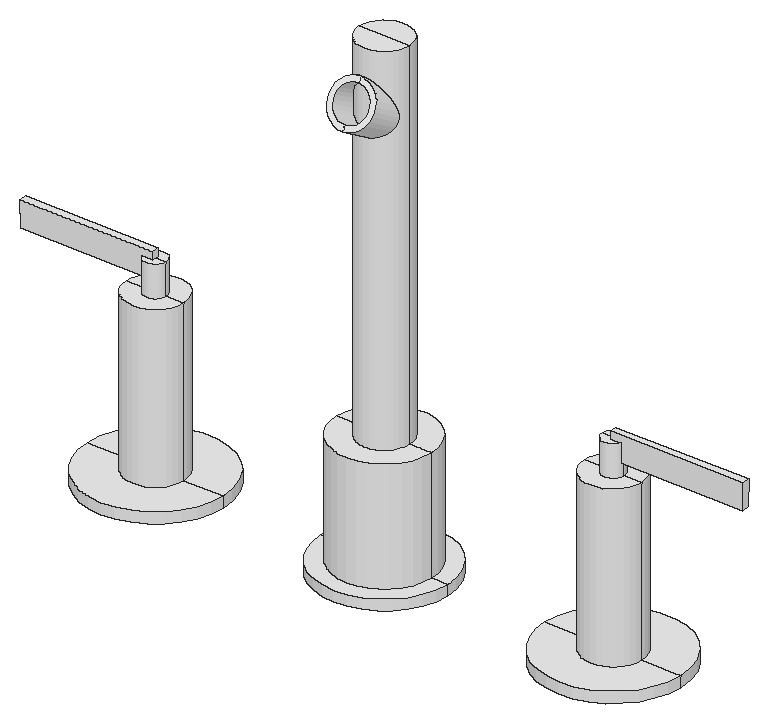
Revit family "Faucet-DXV-Percy-D351054XX_Series", category Plumbing Fixtures, host Face, Revit 2014
Parameters (values of type "D35105450.100")
  Width = 12 9/32"  # constant formula
  Waste Connection = no
  Warranty Documentation Link = "https://www.dxv.com/-/media/files/dxv/warranty/dxv_warranty_booklet.ashx"
  WFU = 2  # constant formula
  Vent Connection = no
  URL = "www.dxv.com"
  Type Comments = ""
  Tri-Spoke Handle Option = no
  Revised Date = "05/07/2018"  # constant formula
  Product Page URL = "https://www.dxv.com/product/percy-wall-mount-vessel-bathroom-faucet-with-lever-handles-by-dxv"
  Product Documentation Link = ""
  Price = "Prices may vary. Please consult Manufacturer Representative for most up-to-date price list."  # constant formula
  Model = "D35105450.100"
  Material = "Metal-DXV-100-Polished Chrome"
  Lever Handle Option = yes
  Length = 7 5/8"  # constant formula
  Installation Type = "Wall Mounted"  # constant formula
  Hot Water Connection Diameter = 1/2"  # constant formula
  Height = 2 5/16"  # constant formula
  Finish = Metal-DXV-100-Polished Chrome
  Manufacturer = "DXV"  # constant formula
  HWFU = 1.5  # constant formula
  HW Connection = yes
  Flow Rate = "1.5 GPM (5.7L/min)"
  Description = "Percy Wall Mount Faucet"  # constant formula
  Default Elevation = 38"  # constant formula
  Cross Handle Option = no
  Creation Date = "1/12/2014"  # constant formula
  Cold Water Connection Diameter = 1/2"  # constant formula
  CWFU = 1.5  # constant formula
  CW Connection = yes
  Assembly Code = "D2020300"
  ADA Compliant = yes
Types (11): name | Tri-Spoke Handle Option | Product Page URL | Model | Material | Lever Handle Option | Finish | Flow Rate | Cross Handle Option | ADA Compliant
  (no name) | no | "https://www.dxv.com/product/percy-wall-mount-vessel-bathroom-faucet-with-lever-handles-by-dxv" | "D35105450.100" | "Metal-DXV-100-Polished Chrome" | yes | Metal-DXV-100-Polished Chrome | "1.5 GPM (5.7L/min)" | no | yes
  D35105450.144 | no | "https://www.dxv.com/product/percy-wall-mount-vessel-bathroom-faucet-with-lever-handles-by-dxv" | "D35105450.144" | "Metal-DXV-144-Brushed Nickel" | yes | Metal-DXV-144-Brushed Nickel | "1.5 GPM (5.7L/min)" | no | yes
  D35105450.100 | no | "https://www.dxv.com/product/percy-wall-mount-vessel-bathroom-faucet-with-lever-handles-by-dxv" | "D35105450.100" | "Metal-DXV-100-Polished Chrome" | yes | Metal-DXV-100-Polished Chrome | "1.5 GPM (5.7L/min)" | no | yes
  D35105454.100 | no | "https://www.dxv.com/product/percy-wall-mount-vessel-bathroom-faucet-with-cross-handles-by-dxv" | "D35105454.100" | "Metal-DXV-100-Polished Chrome" | no | Metal-DXV-100-Polished Chrome | "1.5 GPM (5.7L/min)" | yes | no
  D35105454.144 | no | "https://www.dxv.com/product/percy-wall-mount-vessel-bathroom-faucet-with-cross-handles-by-dxv" | "D35105454.144" | "Metal-DXV-144-Brushed Nickel" | no | Metal-DXV-144-Brushed Nickel | "1.5 GPM (5.7L/min)" | yes | no
  D3510545C.100 | no | "https://www.dxv.com/product/percy-wall-mount-vessel-bathroom-faucet-with-lever-handles-by-dxv" | "D3510545C.100" | "Metal-DXV-100-Polished Chrome" | yes | Metal-DXV-100-Polished Chrome | "1.2 GPM (4.5L/min)" | no | yes
  D3510545C.144 | no | "https://www.dxv.com/product/percy-wall-mount-vessel-bathroom-faucet-with-lever-handles-by-dxv" | "D3510545C.144" | "Metal-DXV-144-Brushed Nickel" | yes | Metal-DXV-144-Brushed Nickel | "1.2 GPM (4.5L/min)" | no | yes
  D3510546C.100 | no | "https://www.dxv.com/product/percy-wall-mount-vessel-bathroom-faucet-with-cross-handles-by-dxv" | "D3510546C.100" | "Metal-DXV-100-Polished Chrome" | no | Metal-DXV-100-Polished Chrome | "1.2 GPM (4.5L/min)" | yes | no
  D3510546C.144 | no | "https://www.dxv.com/product/percy-wall-mount-vessel-bathroom-faucet-with-cross-handles-by-dxv" | "D3510546C.144" | "Metal-DXV-144-Brushed Nickel" | no | Metal-DXV-144-Brushed Nickel | "1.2 GPM (4.5L/min)" | yes | no
  D35105470.100 | yes | "https://www.dxv.com/product/percy-wall-mount-vessel-bathroom-faucet-with-lever-handles-by-dxv" | "D35105470.100" | "Metal-DXV-100-Polished Chrome" | no | Metal-DXV-100-Polished Chrome | "1.2 GPM (4.5L/min)" | no | yes
  D35105470.144 | yes | "https://www.dxv.com/product/percy-wall-mount-vessel-bathroom-faucet-with-lever-handles-by-dxv" | "D35105470.144" | "Metal-DXV-144-Brushed Nickel" | no | Metal-DXV-144-Brushed Nickel | "1.2 GPM (4.5L/min)" | no | yes
Reference planes (in)
  plane 1 "Center (Front/Back)": y = 0
  plane 2: z = 0
  plane 3 "Center (Left/Right)": x = 0
  plane 4: x = 4
  plane 5: x = -4
  plane 6: z = 7.625
  plane 7: z = 3.625
  plane 8: z = 8.375
  plane 9: y = 1.1875
  plane 10: y = -1.1875
  plane 11: x = -5.1875
  plane 12: x = -2.8125
  plane 13: x = 6.30974
  plane 14: x = -3.80974
  plane 15: x = 3.80974
  plane 16: z = 3.46699
  plane 17: z = 3.50148
  plane 18: z = 2.96958
  plane 19: x = 5.1875
  plane 20: x = 2.8125
  plane 21: x = -6.30974
  plane 22: x = 1.69026
  plane 23: x = -5.59375
  plane 24: x = -2.40625
  plane 25: x = 2.40625
  plane 26: x = 5.59375
Forms (in)
  Revolve 1, solid, material "Metal-DXV-100-Polished Chrome" <- "Finish"
    sketch origin (0, 0, 0) x (1, 0, 0) y (0, 0, 1)
      loop
        line (0, 0) -> (1.10337, 0) -> (1.10337, 0.17995) -> (0.82477, 0.17995) -> (0.82477, 2.13954) -> (0.4375, 2.13954) -> (0.4375, 8.375) -> (0, 8.375) -> (0, 0)
      axis (0, 8.375) -> (0, 0)
    angle from 0 to 360
  Revolve 2, solid, material "Metal-DXV-100-Polished Chrome" <- "Finish"
    sketch origin (0, 0.63678, 0.20567) x (0, 0.996195, 0.087156) y (0, -0.087156, 0.996195)
      loop
        line (0.20682, 7.36519) -> (-0.46913, 7.83849) -> (-0.52514, 7.75851) -> (0.15081, 7.2852) -> (0.20682, 7.36519)
      axis (-0.02396, 7.0356) -> (-0.69991, 7.5089)
    angle from 0 to 360
  Revolve 3, solid, material "Metal-DXV-100-Polished Chrome" <- "Finish"
    sketch origin (0, 0, 0) x (1, 0, 0) y (0, 0, 1)
      loop
        line (-2.8125, 0) -> (-2.8125, 0.18957) -> (-3.5, 0.18957) -> (-3.5, 2.96958) -> (-4, 2.96958) -> (-4, 0) -> (-2.8125, 0)
      axis (-4, 2.96958) -> (-4, 0)
    angle from 0 to 360
  Extrusion 4, solid, material "Metal-DXV-100-Polished Chrome" <- "Finish", visible <- "Lever Handle Option"
    sketch origin (0.83032, 0.0625, 0) x (-1, 0, 0) y (0, 0, -1)
      loop
        line (-3.16968, -3.625) -> (-3.16968, -3.1875) -> (-5.47942, -3.1875) -> (-5.47942, -3.625) -> (-3.16968, -3.625)
    from 0 to 0.125
  Revolve 5, solid, material "Metal-DXV-100-Polished Chrome" <- "Finish"
    sketch origin (0, 0, 0) x (-1, 0, 0) y (0, 0, -1)
      loop
        line (-2.8125, 0) -> (-4, 0) -> (-4, -2.96958) -> (-3.5, -2.96958) -> (-3.5, -0.18957) -> (-2.8125, -0.18957) -> (-2.8125, 0)
      axis (-4, -2.96958) -> (-4, 0)
    angle from 0 to 360
  Extrusion 6, solid, material "Metal-DXV-100-Polished Chrome" <- "Finish"
    sketch origin (0, 0, 0) x (1, 0, 0) y (0, 1, 0)
      loop
        circle (-4, 0) r 0.25
      loop
        circle (4, 0) r 0.25
    from -0.05337 to 0.18957
  Revolve 7, solid, material "Metal-DXV-100-Polished Chrome" <- "Finish", visible <- "Lever Handle Option"
    sketch origin (0, 0, 0.13877) x (-1, 0, 0) y (0, 0, -1)
      loop
        line (-4.19026, -2.83081) -> (-4.19026, -3.36271) -> (-4, -3.36271) -> (-4, -2.83081) -> (-4.19026, -2.83081)
      axis (-4, -2.83081) -> (-4, -3.36271)
    angle from 0 to 360
  Revolve 8, solid, material "Metal-DXV-100-Polished Chrome" <- "Finish", visible <- "Cross Handle Option"
    sketch origin (0.05991, 0, 0.19868) x (-1, 0, 0) y (0, 0, -1)
      loop
        line (-4.13035, -2.77089) -> (-4.13035, -3.44284) -> (-3.94009, -3.44284) -> (-3.94009, -2.77089) -> (-4.13035, -2.77089)
      axis (-3.94009, -2.77089) -> (-3.94009, -3.44284)
    angle from 0 to 360
  Extrusion 9, solid, material "Metal-DXV-100-Polished Chrome" <- "Finish", visible <- "Lever Handle Option"
    sketch origin (-0.83032, -0.0625, 0) x (1, 0, 0) y (0, 0, -1)
      loop
        line (-3.16968, -3.625) -> (-3.16968, -3.1875) -> (-5.47942, -3.1875) -> (-5.47942, -3.625) -> (-3.16968, -3.625)
    from 0 to 0.125
  Revolve 10, solid, material "Metal-DXV-100-Polished Chrome" <- "Finish", visible <- "Cross Handle Option"
    sketch origin (-7.94009, 0, 0.19868) x (-1, 0, 0) y (0, 0, -1)
      loop
        line (-4.13035, -2.77089) -> (-4.13035, -3.44284) -> (-3.94009, -3.44284) -> (-3.94009, -2.77089) -> (-4.13035, -2.77089)
      axis (-3.94009, -2.77089) -> (-3.94009, -3.44284)
    angle from 0 to 360
  Revolve 11, solid, material "Metal-DXV-100-Polished Chrome" <- "Finish", visible <- "Lever Handle Option"
    sketch origin (-8, 0, 0.13877) x (-1, 0, 0) y (0, 0, -1)
      loop
        line (-4.19026, -2.83081) -> (-4.19026, -3.36271) -> (-4, -3.36271) -> (-4, -2.83081) -> (-4.19026, -2.83081)
      axis (-4, -2.83081) -> (-4, -3.36271)
    angle from 0 to 360
  Extrusion 12, solid, material "Metal-DXV-100-Polished Chrome" <- "Finish", visible <- "Cross Handle Option"
    sketch origin (-0.69608, -0.0625, 0) x (1, 0, 0) y (0, 0, -1)
      loop
        line (-3.30392, -3.625) -> (-3.30392, -3.1875) -> (-4.89767, -3.1875) -> (-4.89767, -3.625) -> (-3.30392, -3.625)
    from 0 to 0.125
  Extrusion 13, solid, material "Metal-DXV-100-Polished Chrome" <- "Finish", visible <- "Cross Handle Option"
    sketch origin (-4.0625, -3.30392, 0) x (0, -1, 0) y (0, 0, -1)
      loop
        line (-3.30392, -3.625) -> (-3.30392, -3.1875) -> (-4.89767, -3.1875) -> (-4.89767, -3.625) -> (-3.30392, -3.625)
    from 0 to 0.125
  Extrusion 14, solid, material "Metal-DXV-100-Polished Chrome" <- "Finish", visible <- "Cross Handle Option"
    sketch origin (-7.30392, 0.0625, 0) x (-1, 0, 0) y (0, 0, -1)
      loop
        line (-3.30392, -3.625) -> (-3.30392, -3.1875) -> (-4.89767, -3.1875) -> (-4.89767, -3.625) -> (-3.30392, -3.625)
    from 0 to 0.125
  Extrusion 15, solid, material "Metal-DXV-100-Polished Chrome" <- "Finish", visible <- "Cross Handle Option"
    sketch origin (-3.9375, 3.30392, 0) x (0, 1, 0) y (0, 0, -1)
      loop
        line (-3.30392, -3.625) -> (-3.30392, -3.1875) -> (-4.89767, -3.1875) -> (-4.89767, -3.625) -> (-3.30392, -3.625)
    from 0 to 0.125
  Extrusion 16, solid, material "Metal-DXV-100-Polished Chrome" <- "Finish", visible <- "Cross Handle Option"
    sketch origin (0.69608, -0.0625, 0) x (-1, 0, 0) y (0, 0, 1)
      loop
        line (-3.30392, 3.625) -> (-4.89767, 3.625) -> (-4.89767, 3.1875) -> (-3.30392, 3.1875) -> (-3.30392, 3.625)
    from 0 to 0.125
  Extrusion 17, solid, material "Metal-DXV-100-Polished Chrome" <- "Finish", visible <- "Cross Handle Option"
    sketch origin (4.0625, -3.30392, 0) x (0, -1, 0) y (0, 0, 1)
      loop
        line (-3.30392, 3.625) -> (-4.89767, 3.625) -> (-4.89767, 3.1875) -> (-3.30392, 3.1875) -> (-3.30392, 3.625)
    from 0 to 0.125
  Extrusion 18, solid, material "Metal-DXV-100-Polished Chrome" <- "Finish", visible <- "Cross Handle Option"
    sketch origin (7.30392, 0.0625, 0) x (1, 0, 0) y (0, 0, 1)
      loop
        line (-3.30392, 3.625) -> (-4.89767, 3.625) -> (-4.89767, 3.1875) -> (-3.30392, 3.1875) -> (-3.30392, 3.625)
    from 0 to 0.125
  Extrusion 19, solid, material "Metal-DXV-100-Polished Chrome" <- "Finish", visible <- "Cross Handle Option"
    sketch origin (3.9375, 3.30392, 0) x (0, 1, 0) y (0, 0, 1)
      loop
        line (-3.30392, 3.625) -> (-4.89767, 3.625) -> (-4.89767, 3.1875) -> (-3.30392, 3.1875) -> (-3.30392, 3.625)
    from 0 to 0.125
  Revolve 20, solid, material "Metal-DXV-100-Polished Chrome" <- "Finish", visible <- "Tri-Spoke Handle Option"
    sketch origin (0, 0, 0) x (1, 0, 0) y (0, 0, 1)
      loop
        line (-4, 3.625) -> (-5.59375, 3.625) -> (-5.52917, 3.54803)
        arc (-5.52917, 3.54803) -> (-5.45125, 3.48825) -> (-5.35537, 3.46699) r 0.22688
        line (-5.35537, 3.46699) -> (-4.4803, 3.46699)
        arc (-4.4803, 3.46699) -> (-4.18487, 3.34462) -> (-4.0625, 3.04919) r 0.4178
        line (-4.0625, 3.04919) -> (-4.0625, 2.96958) -> (-4, 2.96958) -> (-4, 3.625)
      axis (-4, 2.96958) -> (-4, 3.625)
    angle from 0 to 360
  Extrusion 21, void
    sketch origin (0, 0, 0) x (1, 0, 0) y (0, 1, 0)
      loop
        line (-4.26148, -0.3261) -> (-4.26148, -1.33057)
        arc (-4.26148, -1.33057) -> (-4, -1.59205) -> (-3.73852, -1.33057) r 0.26148
        line (-3.73852, -1.33057) -> (-3.73852, -0.3261)
        arc (-3.73852, -0.3261) -> (-3.69835, -0.18125) -> (-3.58931, -0.07777) r 0.28125
        line (-3.58931, -0.07777) -> (-2.70242, 0.39379)
        arc (-2.70242, 0.39379) -> (-2.59431, 0.74742) -> (-2.94793, 0.85554) r 0.26148
        line (-2.94793, 0.85554) -> (-3.86861, 0.366)
        arc (-3.86861, 0.366) -> (-4, 0.33324) -> (-4.13139, 0.366) r 0.27988
        line (-4.13139, 0.366) -> (-5.05207, 0.85554)
        arc (-5.05207, 0.85554) -> (-5.40569, 0.74742) -> (-5.29758, 0.39379) r 0.26148
        line (-5.29758, 0.39379) -> (-4.41069, -0.07777)
        arc (-4.41069, -0.07777) -> (-4.30165, -0.18125) -> (-4.26148, -0.3261) r 0.28125
      loop
        circle (-4, 0) r 1.66572
    from 2.96958 to 3.625
  Revolve 22, solid, material "Metal-DXV-100-Polished Chrome" <- "Finish", visible <- "Tri-Spoke Handle Option"
    sketch origin (0, 0, 0) x (-1, 0, 0) y (0, 0, 1)
      loop
        line (-4, 3.625) -> (-5.59375, 3.625) -> (-5.52917, 3.54803)
        arc (-5.52917, 3.54803) -> (-5.45125, 3.48825) -> (-5.35537, 3.46699) r 0.22688
        line (-5.35537, 3.46699) -> (-4.4803, 3.46699)
        arc (-4.4803, 3.46699) -> (-4.18487, 3.34462) -> (-4.0625, 3.04919) r 0.4178
        line (-4.0625, 3.04919) -> (-4.0625, 2.96958) -> (-4, 2.96958) -> (-4, 3.625)
      axis (-4, 2.96958) -> (-4, 3.625)
    angle from 0 to 360
  Extrusion 23, void
    sketch origin (0, 0, 0) x (-1, 0, 0) y (0, -1, 0)
      loop
        arc (-4.26148, 0.3261) -> (-4.30165, 0.18125) -> (-4.41069, 0.07777) r 0.28125
        line (-4.41069, 0.07777) -> (-5.29758, -0.39379)
        arc (-5.29758, -0.39379) -> (-5.40569, -0.74742) -> (-5.05207, -0.85554) r 0.26148
        line (-5.05207, -0.85554) -> (-4.13139, -0.366)
        arc (-4.13139, -0.366) -> (-4, -0.33324) -> (-3.86861, -0.366) r 0.27988
        line (-3.86861, -0.366) -> (-2.94793, -0.85554)
        arc (-2.94793, -0.85554) -> (-2.59431, -0.74742) -> (-2.70242, -0.39379) r 0.26148
        line (-2.70242, -0.39379) -> (-3.58931, 0.07777)
        arc (-3.58931, 0.07777) -> (-3.69835, 0.18125) -> (-3.73852, 0.3261) r 0.28125
        line (-3.73852, 0.3261) -> (-3.73852, 1.33057)
        arc (-3.73852, 1.33057) -> (-4, 1.59205) -> (-4.26148, 1.33057) r 0.26148
        line (-4.26148, 1.33057) -> (-4.26148, 0.3261)
      loop
        circle (-4, 0) r 1.66572
    from 2.96958 to 3.625
Cuts and joins
  joined: Revolve 1, Revolve 2
  Extrusion 21, Extrusion 23 cuts Revolve 3
  Extrusion 21, Extrusion 23 cuts Revolve 20
  Extrusion 23 cuts Extrusion 9
  Extrusion 23 cuts Extrusion 12
  Extrusion 23 cuts Extrusion 13
  Extrusion 23 cuts Extrusion 14
  Extrusion 23 cuts Extrusion 15
  Extrusion 23 cuts Revolve 22
Lines and regions (in)
  Masking region 1
    outline origin (0, 0, 0) x (1, 0, 0) y (0, 0, 1)
      loop
        line (1.10337, 0.17995) -> (0.82477, 0.17995) -> (0.82477, 2.13954) -> (0.4375, 2.13954) -> (0.4375, 8.375) -> (-0.4375, 8.375) -> (-0.4375, 2.13954) -> (-0.82477, 2.13954) -> (-0.82477, 0.17995) -> (-1.10337, 0.17995) -> (-1.10337, 0) -> (1.10337, 0) -> (1.10337, 0.17995)
  Masking region 2
    outline origin (0, 0, 0) x (1, 0, 0) y (0, 0, 1)
      loop
        line (3.5, 2.96958) -> (3.5, 0.52655) -> (3.53873, 0.52655) -> (3.53873, 0.48338) -> (3.5, 0.48338) -> (3.5, 0.18957) -> (2.8125, 0.18957) -> (2.8125, 0) -> (5.1875, 0) -> (5.1875, 0.18957) -> (4.5, 0.18957) -> (4.5, 0.48338) -> (4.46127, 0.48338) -> (4.46127, 0.52655) -> (4.5, 0.52655) -> (4.5, 2.96958) -> (4.02339, 2.96958) -> (3.5, 2.96958)
      loop
        line (-3.5, 2.96958) -> (-4.1856, 2.96958) -> (-4.5, 2.96958) -> (-4.5, 0.52655) -> (-4.46127, 0.52655) -> (-4.46127, 0.48338) -> (-4.5, 0.48338) -> (-4.5, 0.18957) -> (-5.1875, 0.18957) -> (-5.1875, 0) -> (-2.8125, 0) -> (-2.8125, 0.18957) -> (-3.5, 0.18957) -> (-3.5, 0.48338) -> (-3.53873, 0.48338) -> (-3.53873, 0.52655) -> (-3.5, 0.52655) -> (-3.5, 2.96958)
  Masking region 3, visible <- "Cross Handle Option"
    outline origin (3.5, 0, 0) x (1, 0, 0) y (0, 0, 1)
      loop
        line (0.69026, 2.96958) -> (0.69026, 3.1875) -> (2.09375, 3.1875) -> (2.09375, 3.625) -> (0.6902, 3.625) -> (0.6902, 3.65736) -> (0.30974, 3.65736) -> (0.30974, 3.625) -> (-1.09375, 3.625) -> (-1.09375, 3.1875) -> (0.30974, 3.1875) -> (0.30974, 2.96958) -> (0.69026, 2.96958)
  Masking region 4, visible <- "Cross Handle Option"
    outline origin (-4.5, 0, 0) x (1, 0, 0) y (0, 0, 1)
      loop
        line (0.69026, 2.96958) -> (0.69026, 3.1875) -> (2.09375, 3.1875) -> (2.09375, 3.625) -> (0.6902, 3.625) -> (0.6902, 3.65736) -> (0.30974, 3.65736) -> (0.30974, 3.625) -> (-1.09375, 3.625) -> (-1.09375, 3.1875) -> (0.30974, 3.1875) -> (0.30974, 2.96958) -> (0.69026, 2.96958)
  Masking region 5, visible <- "Lever Handle Option"
    outline origin (3.65511, 0, 3.07242) x (1, 0, 0) y (0, 0, 1)
      loop
        line (0.53516, -0.10284) -> (0.53516, 0.11508) -> (2.65463, 0.11508) -> (2.65463, 0.55258) -> (0.34489, 0.55258) -> (0.34489, 0.42906) -> (0.15463, 0.42906) -> (0.15463, -0.10284) -> (0.53516, -0.10284)
      loop
        line (-7.84537, -0.10284) -> (-7.46484, -0.10284) -> (-7.46484, 0.42906) -> (-7.65511, 0.42906) -> (-7.65511, 0.55258) -> (-9.96484, 0.55258) -> (-9.96484, 0.11508) -> (-7.84537, 0.11508) -> (-7.84537, -0.10284)
  Masking region 6, visible <- "Tri-Spoke Handle Option"
    outline origin (0, 0, 0) x (1, 0, 0) y (0, 0, 1)
      loop
        line (-3.80974, 2.96958) -> (-3.80974, 3.33799)
        arc (-3.80974, 3.33799) -> (-3.69082, 3.42982) -> (-3.54525, 3.46699) r 0.37122
        line (-3.54525, 3.46699) -> (-2.703, 3.46699)
        arc (-2.703, 3.46699) -> (-2.59768, 3.51455) -> (-2.5637, 3.625) r 0.14041
        line (-2.5637, 3.625) -> (-5.4363, 3.625)
        arc (-5.4363, 3.625) -> (-5.40232, 3.51455) -> (-5.297, 3.46699) r 0.14041
        line (-5.297, 3.46699) -> (-4.45475, 3.46699)
        arc (-4.45475, 3.46699) -> (-4.30918, 3.42982) -> (-4.19026, 3.33799) r 0.37122
        line (-4.19026, 3.33799) -> (-4.19026, 2.96958) -> (-3.80974, 2.96958)
      loop
        line (3.80974, 2.96958) -> (4.19026, 2.96958) -> (4.19026, 3.33799)
        arc (4.19026, 3.33799) -> (4.30918, 3.42982) -> (4.45475, 3.46699) r 0.37122
        line (4.45475, 3.46699) -> (5.297, 3.46699)
        arc (5.297, 3.46699) -> (5.40232, 3.51455) -> (5.4363, 3.625) r 0.14041
        line (5.4363, 3.625) -> (2.5637, 3.625)
        arc (2.5637, 3.625) -> (2.59768, 3.51455) -> (2.703, 3.46699) r 0.14041
        line (2.703, 3.46699) -> (3.54525, 3.46699)
        arc (3.54525, 3.46699) -> (3.69082, 3.42982) -> (3.80974, 3.33799) r 0.37122
        line (3.80974, 3.33799) -> (3.80974, 2.96958)
  symbolic lines, visible <- "Lever Handle Option", detail levels medium+fine
    curve 1: line (4, 0, 3.50148) -> (4, 0, 3.1875)
    curve 2: line (4.1902, 0, 3.1875) -> (4, 0, 3.1875)
    curve 3: line (-4, 0, 3.50148) -> (-4, 0, 3.1875)
    curve 4: line (-4.19026, 0, 3.1875) -> (-4, 0, 3.1875)
  symbolic lines, detail levels medium+fine
    curve 5: line (4.5, 0, 0.18957) -> (3.5, 0, 0.18957)
    curve 6: line (0.82477, 0, 0.17995) -> (-0.82477, 0, 0.17995)
    curve 7: line (-3.5, 0, 0.18957) -> (-4.5, 0, 0.18957)
  symbolic lines, detail levels fine
    curve 8: line (0.4375, 0, 2.13954) -> (-0.4375, 0, 2.13954)
    curve 21: line (-4.46127, 0, 0.52655) -> (-3.53873, 0, 0.52655)
    curve 22: line (-3.53873, 0, 0.48338) -> (-4.46127, 0, 0.48338)
    curve 23: line (3.53873, 0, 0.52655) -> (4.46127, 0, 0.52655)
    curve 24: line (4.46127, 0, 0.48338) -> (3.53873, 0, 0.48338)
  symbolic lines, visible <- "Cross Handle Option", detail levels medium+fine
    curve 9: line (-4.0625, 0, 3.1875) -> (-3.9375, 0, 3.1875)
    curve 10: line (-4.0625, 0, 3.625) -> (-4.0625, 0, 3.1875)
    curve 11: line (-3.9375, 0, 3.625) -> (-4.0625, 0, 3.625)
    curve 12: line (-3.9375, 0, 3.1875) -> (-3.9375, 0, 3.625)
    curve 13: line (3.9375, 0, 3.1875) -> (4.0625, 0, 3.1875)
    curve 14: line (3.9375, 0, 3.625) -> (3.9375, 0, 3.1875)
    curve 15: line (4.0625, 0, 3.625) -> (3.9375, 0, 3.625)
    curve 16: line (4.0625, 0, 3.1875) -> (4.0625, 0, 3.625)
    curve 17: line (4.1902, 0, 3.625) -> (4.1902, 0, 3.1875)
    curve 18: line (3.80974, 0, 3.625) -> (3.80974, 0, 3.1875)
    curve 19: line (-3.8098, 0, 3.625) -> (-3.8098, 0, 3.1875)
    curve 20: line (-4.19026, 0, 3.625) -> (-4.19026, 0, 3.1875)
Dimensions and locks (in)
  "Length": plane 6 to host face
  plane 5 to plane 4 = 8"
  plane 5 to plane 3 "Center (Left/Right)" = 4"
  plane 7 to host face = 3 5/8"
  plane 8 to host face = 8 3/8"
  plane 11 to plane 12 = 2 3/8"
  plane 15 to plane 13 = 2 1/2"  (x2)
  plane 19 to plane 20 = 2 3/8"
  plane 12 to plane 11 = 2 3/8"
  plane 21 to plane 14 = 2 1/2"  (x2)
  plane 13 to plane 21 = 12.61948"
  plane 23 to plane 24 = 3 3/16"
  equal spacing: plane 23, plane 5, plane 24
  plane 25 to plane 26 = 3 3/16"
  equal spacing: plane 25, plane 4, plane 26
  aligned and locked: plane 2 to host face
  aligned and locked: level to host face
  aligned and locked: Extrusion 4 sketch curve to plane 7
  aligned and locked: plane 13 to Extrusion 4
  aligned and locked: Extrusion 12 to plane 5
  aligned and locked: plane 23 to Extrusion 12
  aligned and locked: plane 25 to Masking region 3 sketch curve
  aligned and locked: Masking region 3 sketch curve to plane 26
  aligned and locked: Revolve 20 sketch curve to plane 5
  aligned and locked: Revolve 3 to Revolve 20 sketch curve
  aligned and locked: Revolve 20 sketch curve to plane 7
  aligned and locked: plane 23 to Revolve 20 sketch curve
  aligned and locked: plane 5 to Revolve 20 sketch curve
  aligned and locked: Extrusion 21 to Revolve 3
  aligned and locked: Extrusion 21 to Extrusion 4
Automatic sketch dimensions
  curve 20 to plane 7 = 0"
  curve 10 to plane 7 = 0"
  plane 5 to curve 3 = 0"
  curve 19 to plane 7 = 0"
  plane 15 to curve 18 = 0"
  curve 14 to plane 7 = 0"
  curve 1 to plane 4 = 0"
  curve 17 to plane 7 = 0"
  curve 1 to plane 17 = 0"
  curve 3 to plane 17 = 0"
  curve 18 to plane 7 = 0"
  plane 5 to curve 11 = 1/16"
  curve 20 to curve 9 = 0.12776"
  curve 3 to curve 9 = 1/16"
  curve 13 to plane 4 = 1/16"
  plane 4 to curve 15 = 1/16"
  curve 13 to curve 2 = 0.1277"
  plane 18 to curve 17 = 0.21792"
  curve 16 to curve 1 = 0"
  plane 18 to curve 20 = 0.21792"
  curve 12 to curve 3 = 0"
  plane 5 to curve 21 = 0.46127"
  curve 21 to curve 22 = 0"  (x2)
  curve 7 to curve 22 = 0.03873"
  plane 14 to curve 19 = 0.00006"
  curve 22 to plane 14 = 0.271"
  curve 22 to curve 7 = 0.03873"
  level to curve 6 = 0.17995"
  curve 6 to plane 3 "Center (Left/Right)" = 0.82477"
  curve 8 to plane 3 "Center (Left/Right)" = 7/16"
  plane 3 "Center (Left/Right)" to curve 8 = 7/16"
  plane 3 "Center (Left/Right)" to curve 6 = 0.82477"
  plane 15 to curve 5 = 0.30974"
  plane 15 to curve 24 = 0.271"
  curve 23 to curve 24 = 0"  (x2)
  plane 4 to curve 24 = 0.46127"
  curve 24 to curve 5 = 0.03873"
  curve 18 to curve 13 = 0"
  curve 19 to curve 9 = 0"
  curve 8 to plane 18 = 0.83004"
  level to curve 23 = 0.52655"
  level to curve 21 = 0.52655"
  curve 24 to curve 23 = 0.04317"
  curve 22 to curve 21 = 0.04317"
  level to curve 5 = 0.18957"
  level to curve 7 = 0.18957"
  host sketch curve to host sketch curve = 96"  (x2)
  Revolve 1 sketch curve to level = 0"
  Revolve 1 sketch curve to plane 3 "Center (Left/Right)" = 0"  (x2)
  Revolve 1 sketch curve to plane 8 = 0"
  plane 3 "Center (Left/Right)" to Revolve 1 sketch curve = 7/16"
  Revolve 1 sketch curve to Revolve 1 sketch curve = 0.38727"
  Revolve 1 sketch curve to Revolve 1 sketch curve = 0.2786"
  level to Revolve 1 sketch curve = 0.17995"
  Revolve 1 sketch curve to plane 18 = 0.83004"
  Revolve 1 sketch curve to Revolve 1 sketch curve = 0.81897"
  Revolve 1 sketch curve to Revolve 1 sketch curve = 7/64"
  plane 6 to Revolve 2 sketch curve = 0.26389"
  plane 1 "Center (Front/Back)" to Revolve 2 sketch curve = 0.56256"
  Revolve 2 sketch curve to Revolve 2 sketch curve = 0.05601"
  Revolve 2 sketch curve to Revolve 2 sketch curve = 0.67595"
  Revolve 2 sketch curve to Revolve 2 sketch curve = 0.39332"
  Revolve 2 sketch curve to Revolve 2 sketch curve = 0.16993"
  Revolve 2 sketch curve to Revolve 2 sketch curve = 0.17515"
  Revolve 2 sketch curve to Revolve 2 sketch curve = 0.253"
  Revolve 2 sketch curve to Revolve 2 sketch curve = 0.12264"
  Revolve 3 sketch curve to level = 0"
  plane 5 to Revolve 3 sketch curve = 0"  (x2)
  Revolve 3 sketch curve to plane 18 = 0"
  Revolve 3 sketch curve to plane 12 = 0"
  Revolve 3 sketch curve to Revolve 3 sketch curve = 0.74383"
  Revolve 3 sketch curve to Revolve 3 sketch curve = 0.29057"
  Extrusion 4 sketch curve to plane 13 = 0"
  Extrusion 4 sketch curve to plane 4 = 0"
  plane 18 to Extrusion 4 sketch curve = 0.21792"
  Revolve 5 sketch curve to level = 0"
  Revolve 5 sketch curve to plane 4 = 0"  (x2)
  Revolve 5 sketch curve to plane 18 = 0"
  Revolve 5 sketch curve to plane 20 = 0"
  Revolve 5 sketch curve to Revolve 5 sketch curve = 0.18957"
  Revolve 5 sketch curve to Revolve 5 sketch curve = 0.47807"
  Revolve 5 sketch curve to Revolve 5 sketch curve = 0.45326"
  Masking region 1 sketch curve to level = 0"
  Masking region 1 sketch curve to plane 8 = 0"
  level to Masking region 1 sketch curve = 0.17995"
  Masking region 1 sketch curve to plane 3 "Center (Left/Right)" = 1.10337"
  Masking region 1 sketch curve to plane 3 "Center (Left/Right)" = 0.82477"
  Masking region 1 sketch curve to plane 3 "Center (Left/Right)" = 7/16"
  plane 3 "Center (Left/Right)" to Masking region 1 sketch curve = 7/16"
  Masking region 1 sketch curve to Masking region 1 sketch curve = 0.38727"
  Masking region 1 sketch curve to Masking region 1 sketch curve = 0.2786"
  Masking region 1 sketch curve to Masking region 1 sketch curve = 0.17995"
  Masking region 1 sketch curve to plane 18 = 0.83004"  (x2)
  plane 1 "Center (Front/Back)" to Extrusion 6 sketch curve = 0"  (x2)
  Extrusion 6 sketch curve to plane 5 = 0"
  Extrusion 6 sketch curve to plane 4 = 0"
  plane 11 to Masking region 2 sketch curve = 0"
  Masking region 2 sketch curve to plane 18 = 0"  (x2)
  Masking region 2 sketch curve to level = 0"  (x2)
  Masking region 2 sketch curve to plane 12 = 0"
  Masking region 2 sketch curve to plane 20 = 0"
  Masking region 2 sketch curve to plane 19 = 0"
  plane 5 to Masking region 2 sketch curve = 1/2"
  Masking region 2 sketch curve to Masking region 2 sketch curve = 0"
  Masking region 2 sketch curve to Masking region 2 sketch curve = 0.03873"  (x4)
  plane 5 to Masking region 2 sketch curve = 0.1856"
  Masking region 2 sketch curve to plane 14 = 0.271"
  Masking region 2 sketch curve to plane 14 = 0.30974"
  plane 15 to Masking region 2 sketch curve = 0.30974"  (x2)
  plane 4 to Masking region 2 sketch curve = 0.02339"
  plane 4 to Masking region 2 sketch curve = 0.46127"
  Masking region 2 sketch curve to Masking region 2 sketch curve = 0.47661"
  Masking region 2 sketch curve to Masking region 2 sketch curve = 0.18957"  (x2)
  level to Masking region 2 sketch curve = 0.18957"  (x2)
  Masking region 2 sketch curve to Masking region 2 sketch curve = 0.29381"  (x4)
  Masking region 2 sketch curve to Masking region 2 sketch curve = 0.04317"  (x4)
  Revolve 7 sketch curve to plane 18 = 0"
  Revolve 7 sketch curve to plane 17 = 0"
  Revolve 7 sketch curve to plane 4 = 0"  (x2)
  Revolve 7 sketch curve to plane 7 = 0"
  plane 4 to Revolve 7 sketch curve = 0.19026"
  Revolve 7 sketch curve to Revolve 7 sketch curve = 0.12852"
  Revolve 8 sketch curve to plane 18 = 0"
  Revolve 8 sketch curve to plane 4 = 0"  (x2)
  plane 7 to Revolve 8 sketch curve = 0.01652"
  plane 4 to Revolve 8 sketch curve = 0.19026"
  Revolve 8 sketch curve to Revolve 8 sketch curve = 0.02454"
  Revolve 8 sketch curve to Revolve 8 sketch curve = 0.08746"
  Extrusion 9 sketch curve to plane 7 = 0"
  Extrusion 9 sketch curve to plane 21 = 0"
  plane 5 to Extrusion 9 sketch curve = 0"
  plane 18 to Extrusion 9 sketch curve = 0.21792"
  plane 14 to Revolve 10 sketch curve = 0"
  plane 5 to Revolve 10 sketch curve = 0"  (x2)
  Revolve 10 sketch curve to plane 18 = 0"
  plane 7 to Revolve 10 sketch curve = 0.01652"
  Revolve 10 sketch curve to Revolve 10 sketch curve = 0.02454"
  Revolve 10 sketch curve to Revolve 10 sketch curve = 0.08746"
  plane 14 to Revolve 11 sketch curve = 0"
  plane 5 to Revolve 11 sketch curve = 0"  (x2)
  Revolve 11 sketch curve to plane 7 = 0"
  Revolve 11 sketch curve to plane 17 = 0"
  Revolve 11 sketch curve to plane 18 = 0"
  Revolve 11 sketch curve to Revolve 11 sketch curve = 0.12852"
  plane 15 to Masking region 3 sketch curve = 0"  (x2)
  Masking region 3 sketch curve to plane 7 = 0"  (x2)
  Masking region 3 sketch curve to plane 18 = 0"
  plane 7 to Masking region 3 sketch curve = 0.03236"
  plane 4 to Masking region 3 sketch curve = 0.1902"
  plane 4 to Masking region 3 sketch curve = 0.19026"
  plane 18 to Masking region 3 sketch curve = 0.21792"  (x2)
  plane 23 to Masking region 4 sketch curve = 0"
  Masking region 4 sketch curve to plane 18 = 0"
  Masking region 4 sketch curve to plane 7 = 0"  (x2)
  plane 14 to Masking region 4 sketch curve = 0"
  plane 24 to Masking region 4 sketch curve = 0"
  plane 5 to Masking region 4 sketch curve = 0.19026"  (x2)
  plane 14 to Masking region 4 sketch curve = 0.00006"
  plane 18 to Masking region 4 sketch curve = 0.21792"  (x2)
  Masking region 4 sketch curve to Masking region 4 sketch curve = 0.03236"
  Masking region 5 sketch curve to plane 7 = 0"  (x2)
  Masking region 5 sketch curve to plane 21 = 0"
  Masking region 5 sketch curve to plane 18 = 0"  (x2)
  plane 5 to Masking region 5 sketch curve = 0"
  plane 14 to Masking region 5 sketch curve = 0"
  plane 15 to Masking region 5 sketch curve = 0"
  Masking region 5 sketch curve to plane 4 = 0"
  Masking region 5 sketch curve to plane 13 = 0"
  Masking region 5 sketch curve to plane 17 = 0"  (x2)
  plane 5 to Masking region 5 sketch curve = 0.19026"
  plane 4 to Masking region 5 sketch curve = 0.19026"
  plane 18 to Masking region 5 sketch curve = 0.21792"  (x2)
  Extrusion 12 sketch curve to plane 7 = 0"
  plane 23 to Extrusion 12 sketch curve = 0"
  plane 5 to Extrusion 12 sketch curve = 0"
  plane 18 to Extrusion 12 sketch curve = 0.21792"
  Extrusion 13 sketch curve to plane 7 = 0"
  Extrusion 13 sketch curve to plane 1 "Center (Front/Back)" = 0"
  plane 9 to Extrusion 13 sketch curve = 13/32"
  plane 18 to Extrusion 13 sketch curve = 0.21792"
  Extrusion 14 sketch curve to plane 7 = 0"
  plane 24 to Extrusion 14 sketch curve = 0"
  plane 5 to Extrusion 14 sketch curve = 0"
  plane 18 to Extrusion 14 sketch curve = 0.21792"
  Extrusion 15 sketch curve to plane 7 = 0"
  Extrusion 15 sketch curve to plane 1 "Center (Front/Back)" = 0"
  plane 10 to Extrusion 15 sketch curve = 13/32"
  plane 18 to Extrusion 15 sketch curve = 0.21792"
  Extrusion 16 sketch curve to plane 7 = 0"
  plane 26 to Extrusion 16 sketch curve = 0"
  Extrusion 16 sketch curve to plane 4 = 0"
  plane 18 to Extrusion 16 sketch curve = 0.21792"
  Extrusion 17 sketch curve to plane 7 = 0"
  Extrusion 17 sketch curve to plane 1 "Center (Front/Back)" = 0"
  plane 9 to Extrusion 17 sketch curve = 13/32"
  plane 18 to Extrusion 17 sketch curve = 0.21792"
  Extrusion 18 sketch curve to plane 7 = 0"
  plane 25 to Extrusion 18 sketch curve = 0"
  Extrusion 18 sketch curve to plane 4 = 0"
  plane 18 to Extrusion 18 sketch curve = 0.21792"
  Extrusion 19 sketch curve to plane 7 = 0"
  Extrusion 19 sketch curve to plane 1 "Center (Front/Back)" = 0"
  plane 10 to Extrusion 19 sketch curve = 13/32"
  plane 18 to Extrusion 19 sketch curve = 0.21792"
  Revolve 20 sketch curve to plane 16 = 0"
  Revolve 20 sketch curve to plane 23 = 0.06458"
  plane 7 to Revolve 20 sketch curve = 0.06887"
  plane 11 to Revolve 20 sketch curve = 0.16787"
  plane 5 to Revolve 20 sketch curve = 0.4803"
  plane 5 to Revolve 20 sketch curve = 1/16"
  Revolve 20 sketch curve to Revolve 20 sketch curve = 1/4"
  Revolve 20 sketch curve to Revolve 20 sketch curve = 0.19031"
  plane 1 "Center (Front/Back)" to Extrusion 21 sketch curve = 0"
  Extrusion 21 sketch curve to plane 5 = 0"  (x3)
  plane 5 to Extrusion 21 sketch curve = 0.13139"
  plane 5 to Extrusion 21 sketch curve = 0.26148"
  plane 1 "Center (Front/Back)" to Extrusion 21 sketch curve = 0.07777"  (x2)
  Extrusion 21 sketch curve to Extrusion 21 sketch curve = 0.14921"
  Extrusion 21 sketch curve to Extrusion 21 sketch curve = 9/32"  (x2)
  Extrusion 21 sketch curve to plane 11 = 0.13543"
  Extrusion 21 sketch curve to plane 11 = 0.01268"
  plane 11 to Extrusion 21 sketch curve = 0.11008"
  plane 14 to Extrusion 21 sketch curve = 0.05887"
  Extrusion 21 sketch curve to plane 14 = 0.22043"
  Extrusion 21 sketch curve to plane 12 = 0.13543"
  Extrusion 21 sketch curve to plane 12 = 0.01268"
  plane 12 to Extrusion 21 sketch curve = 0.11008"
  plane 10 to Extrusion 21 sketch curve = 0.14307"
  Extrusion 21 sketch curve to plane 1 "Center (Front/Back)" = 0.366"
  Extrusion 21 sketch curve to plane 1 "Center (Front/Back)" = 0.39379"  (x2)
  Extrusion 21 sketch curve to Extrusion 21 sketch curve = 0.24712"
  Extrusion 21 sketch curve to Extrusion 21 sketch curve = 0.23087"  (x2)
  Revolve 22 sketch curve to plane 7 = 0"
  plane 26 to Revolve 22 sketch curve = 0"
  Revolve 22 sketch curve to plane 16 = 0"
  Revolve 22 sketch curve to plane 18 = 0"
  Revolve 22 sketch curve to plane 4 = 0"  (x2)
  Revolve 22 sketch curve to plane 26 = 0.06458"
  Revolve 22 sketch curve to plane 7 = 0.06887"
  Revolve 22 sketch curve to plane 19 = 0.16787"
  Revolve 22 sketch curve to plane 4 = 0.4803"
  Revolve 22 sketch curve to plane 4 = 1/16"
  Revolve 22 sketch curve to Revolve 22 sketch curve = 1/4"
  Revolve 22 sketch curve to Revolve 22 sketch curve = 0.19031"
  plane 1 "Center (Front/Back)" to Extrusion 23 sketch curve = 0"
  Extrusion 23 sketch curve to plane 4 = 0"  (x3)
  Extrusion 23 sketch curve to plane 4 = 0.13139"
  Extrusion 23 sketch curve to plane 4 = 0.26148"
  Extrusion 23 sketch curve to plane 1 "Center (Front/Back)" = 0.07777"  (x2)
  Extrusion 23 sketch curve to Extrusion 23 sketch curve = 0.14921"
  Extrusion 23 sketch curve to Extrusion 23 sketch curve = 9/32"  (x2)
  plane 19 to Extrusion 23 sketch curve = 0.13543"
  plane 19 to Extrusion 23 sketch curve = 0.01268"
  Extrusion 23 sketch curve to plane 19 = 0.11008"
  plane 15 to Extrusion 23 sketch curve = 0.05887"
  Extrusion 23 sketch curve to plane 15 = 0.22043"
  Extrusion 23 sketch curve to plane 20 = 0.13543"
  Extrusion 23 sketch curve to plane 20 = 0.01268"
  plane 20 to Extrusion 23 sketch curve = 0.11008"
  Extrusion 23 sketch curve to plane 10 = 0.14307"
  plane 1 "Center (Front/Back)" to Extrusion 23 sketch curve = 0.366"
  plane 1 "Center (Front/Back)" to Extrusion 23 sketch curve = 0.39379"  (x2)
  Extrusion 23 sketch curve to Extrusion 23 sketch curve = 0.24712"
  Extrusion 23 sketch curve to Extrusion 23 sketch curve = 0.23087"  (x2)
  Masking region 6 sketch curve to plane 7 = 0"  (x2)
  Masking region 6 sketch curve to plane 16 = 0"  (x4)
  Masking region 6 sketch curve to plane 18 = 0"  (x2)
  plane 14 to Masking region 6 sketch curve = 0"
  plane 15 to Masking region 6 sketch curve = 0"
  plane 5 to Masking region 6 sketch curve = 0.19026"
  Masking region 6 sketch curve to Masking region 6 sketch curve = 0.26449"  (x2)
  plane 18 to Masking region 6 sketch curve = 0.12659"  (x4)
  Masking region 6 sketch curve to Masking region 6 sketch curve = 0.28165"  (x4)
  plane 11 to Masking region 6 sketch curve = 0.1095"
  Masking region 6 sketch curve to Masking region 6 sketch curve = 0.13931"  (x3)
  Masking region 6 sketch curve to plane 14 = 0.26449"
  plane 12 to Masking region 6 sketch curve = 0.1095"
  Masking region 6 sketch curve to plane 25 = 0.15745"
  Masking region 6 sketch curve to plane 7 = 0.0176"
  plane 15 to Masking region 6 sketch curve = 0.26449"
  plane 4 to Masking region 6 sketch curve = 0.19026"
  plane 19 to Masking region 6 sketch curve = 0.1095"
  Revolve 3 sketch curve to Revolve 3 sketch curve = 0.18957"
  Revolve 3 sketch curve to plane 14 = 0.30974"
  plane 15 to Revolve 5 sketch curve = 0.30974"
  radius of Extrusion 6 sketch curve = 1/4"  (x2)
  radius of Extrusion 21 sketch curve = 1.66572"
  radius of Extrusion 23 sketch curve = 1.66572"
Connectors (in)
  piping at (4, 0, -0.05337), diameter 0.5, driven by "CWFU", driven by "Cold Water Connection Diameter"
    settings: on Extrusion 6, index 1, connector inside diameter 24", connector length 0", flow factor 0, pipe flow 0 GPM, pressure drop 0.00 psi, fitting loss kfactor 0, connector angle 0.00°, fixture units 1.5, engagement length 0", angle of deflection 0.00°, flow configuration 3, flow direction 1, fitting loss method 0, system type 20, joint type 0, gender type 0, connector reference index -1, connector utility 0, adjustable connector no, is connector primary yes, connector description "1/2\" CW Inlet"
  piping at (-4, 0, -0.05337), diameter 0.5, driven by "HWFU", driven by "Hot Water Connection Diameter"
    settings: on Extrusion 6, index 2, connector inside diameter 24", connector length 0", flow factor 0, pipe flow 0 GPM, pressure drop 0.00 psi, fitting loss kfactor 0, connector angle 0.00°, fixture units 1.5, engagement length 0", angle of deflection 0.00°, flow configuration 3, flow direction 1, fitting loss method 0, system type 19, joint type 0, gender type 0, connector reference index -1, connector utility 0, adjustable connector no, is connector primary no, connector description "1/2\" HW Inlet"
